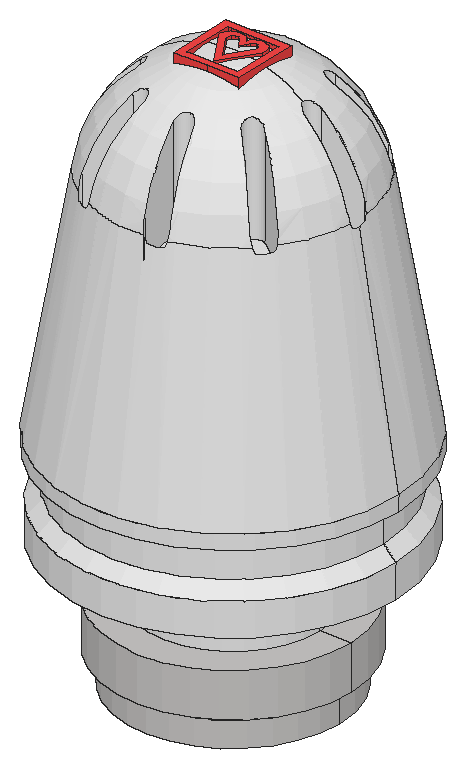
Revit family "HERZ-Mini-GS-Design-Thermostatic Sensor M28x1.5 9200 03", category Rohrzubehör, Revit 2018
Family settings
  Bemaßung runder Anschluss = Durchmesser verwenden
  Teiletyp = Normal
  OmniClass-Nummer = 23.65.55.14
  OmniClass-Titel = Valves for Liquid Services
  Arbeitsebenenbasiert = Nein
  Immer vertikal = Nein
  Beim Laden mit Abzugskörper schneiden = Nein
  Gemeinsam genutzt = Nein
Parameters
  URL = "www.herzvalves.com"
  Set value range = "0-30°C"  # constant formula
  S02 = 60 mm  # constant formula
  S01 = 73 mm  # constant formula
  Part number = 1920003  # constant formula
  Shut off zero position = "When set to \"0\", the thermostatic valve is shut off and the frost protection is disabled."
  Operation = "The HERZ thermostat serves as a sensing and control element.\r\nThe volumetric change of the liquid filling in the HERZ hydrosensor moves the thrust spindle of the valve."
  Hersteller = "HERZ Armaturen Ges.m.b.H."  # constant formula
  Hand wheel = "plastic, white"  # constant formula
  Frost protection = 6 °C  # constant formula
  Frost protection setpoint range = "6-30°C"  # constant formula
  Frost protection * = "When set to *, the valve automatically opens at approx.\r\n6 ° C ambient temperature and prevents the system from freezing"
  Application = "For mounting on valves that are designed for thermostatic operation."
Reference planes
  plane 1 "Mitte (Vorne/hinten)": y = 0
  plane 2: z = 0
  plane 3 "Mitte (Links/rechts)": x = 0
Forms (mm)
  Revolve 1, solid, material "Kunststoff weiß", detail levels fine
    sketch origin (0, 0, 0) x (1, 0, 0) y (0, 0, 1)
      loop
        line (0, 0) -> (0, 73)
        arc (0, 73) -> (-11.397, 68.78) -> (-17.297, 58.156) r 17.5
        arc (-17.297, 58.156) -> (-20.011, 42.065) -> (-22.88, 26) r 1681.293
        line (-22.88, 26) -> (-22.88, 24) -> (-20.75, 24) -> (-20.75, 19.25) -> (-22.5, 17.5) -> (-22.5, 13) -> (-12.8, 13)
        arc (-12.8, 13) -> (-12.234, 12.766) -> (-12, 12.2) r 0.8
        line (-12, 12.2) -> (-12, 4.8) -> (-13.2, 4.8) -> (-13.2, 0) -> (0, 0)
      axis (0, 73) -> (0, 0)
    angle from 0 to 360
  Revolve 2, solid, material "Messing verzinkt", detail levels fine
    sketch origin (0, 0, 0) x (1, 0, 0) y (0, 0, 1)
      loop
        line (0, 0) -> (0, 5.5) -> (-16.35, 5.5) -> (-16.35, -0.576) -> (-14.75, -1.5) -> (-14.75, -5) -> (-13.35, -5) -> (-13.35, 0) -> (0, 0)
      axis (0, 5.5) -> (0, -5)
    angle from 0 to 360
  Extrusion 3, void
    sketch origin (0, 0, 0) x (1, 0, 0) y (0, 1, 0)
      loop
        arc (11.027, 1.298) -> (9.8, 0) -> (11.027, -1.298) r 1.3
        line (11.027, -1.298) -> (16.77, -1.62)
        arc (16.77, -1.62) -> (17.178, -1.485) -> (17.384, -1.107) r 0.586
        arc (17.384, -1.107) -> (17.453, 0.011) -> (17.382, 1.129) r 9
        arc (17.382, 1.129) -> (17.183, 1.492) -> (16.79, 1.621) r 0.564
        line (16.79, 1.621) -> (11.027, 1.298)
      loop
        line (9.282, 6.094) -> (13.904, 9.55)
        arc (13.904, 9.55) -> (14.121, 9.902) -> (14.04, 10.308) r 0.564
        arc (14.04, 10.308) -> (13.376, 11.21) -> (12.605, 12.023) r 9
        arc (12.605, 12.023) -> (12.205, 12.18) -> (11.805, 12.021) r 0.586
        line (11.805, 12.021) -> (7.613, 8.082)
        arc (7.613, 8.082) -> (7.507, 6.299) -> (9.282, 6.094) r 1.3
      loop
        arc (0.637, 11.085) -> (1.702, 9.651) -> (3.193, 10.634) r 1.3
        line (3.193, 10.634) -> (4.508, 16.234)
        arc (4.508, 16.234) -> (4.445, 16.659) -> (4.109, 16.928) r 0.586
        arc (4.109, 16.928) -> (3.02, 17.189) -> (1.907, 17.313) r 9
        arc (1.907, 17.313) -> (1.515, 17.181) -> (1.319, 16.816) r 0.564
        line (1.319, 16.816) -> (0.637, 11.085)
      loop
        line (-4.39, 10.199) -> (-6.991, 15.351)
        arc (-6.991, 15.351) -> (-7.3, 15.626) -> (-7.713, 15.617) r 0.564
        arc (-7.713, 15.617) -> (-8.717, 15.12) -> (-9.651, 14.501) r 9
        arc (-9.651, 14.501) -> (-9.875, 14.134) -> (-9.788, 13.713) r 0.586
        line (-9.788, 13.713) -> (-6.638, 8.901)
        arc (-6.638, 8.901) -> (-4.9, 8.487) -> (-4.39, 10.199) r 1.3
      loop
        arc (-10.806, 2.552) -> (-9.209, 3.352) -> (-9.918, 4.991) r 1.3
        line (-9.918, 4.991) -> (-15.204, 7.258)
        arc (-15.204, 7.258) -> (-15.634, 7.271) -> (-15.957, 6.986) r 0.586
        arc (-15.957, 6.986) -> (-16.404, 5.959) -> (-16.719, 4.884) r 9
        arc (-16.719, 4.884) -> (-16.657, 4.475) -> (-16.332, 4.219) r 0.564
        line (-16.332, 4.219) -> (-10.806, 2.552)
      loop
        line (-10.806, -2.552) -> (-16.332, -4.219)
        arc (-16.332, -4.219) -> (-16.657, -4.475) -> (-16.719, -4.884) r 0.564
        arc (-16.719, -4.884) -> (-16.404, -5.959) -> (-15.957, -6.986) r 9
        arc (-15.957, -6.986) -> (-15.634, -7.271) -> (-15.204, -7.258) r 0.586
        line (-15.204, -7.258) -> (-9.918, -4.991)
        arc (-9.918, -4.991) -> (-9.209, -3.352) -> (-10.806, -2.552) r 1.3
      loop
        arc (9.282, -6.094) -> (7.507, -6.299) -> (7.613, -8.082) r 1.3
        line (7.613, -8.082) -> (11.805, -12.021)
        arc (11.805, -12.021) -> (12.205, -12.18) -> (12.605, -12.023) r 0.586
        arc (12.605, -12.023) -> (13.376, -11.21) -> (14.04, -10.308) r 9
        arc (14.04, -10.308) -> (14.121, -9.902) -> (13.904, -9.55) r 0.564
        line (13.904, -9.55) -> (9.282, -6.094)
      loop
        line (0.637, -11.085) -> (1.319, -16.816)
        arc (1.319, -16.816) -> (1.515, -17.181) -> (1.907, -17.313) r 0.564
        arc (1.907, -17.313) -> (3.02, -17.189) -> (4.109, -16.928) r 9
        arc (4.109, -16.928) -> (4.445, -16.659) -> (4.508, -16.234) r 0.586
        line (4.508, -16.234) -> (3.193, -10.634)
        arc (3.193, -10.634) -> (1.702, -9.651) -> (0.637, -11.085) r 1.3
      loop
        arc (-4.39, -10.199) -> (-4.9, -8.487) -> (-6.638, -8.901) r 1.3
        line (-6.638, -8.901) -> (-9.788, -13.713)
        arc (-9.788, -13.713) -> (-9.875, -14.134) -> (-9.651, -14.501) r 0.586
        arc (-9.651, -14.501) -> (-8.717, -15.12) -> (-7.713, -15.617) r 9
        arc (-7.713, -15.617) -> (-7.3, -15.626) -> (-6.991, -15.351) r 0.564
        line (-6.991, -15.351) -> (-4.39, -10.199)
    from 55 to 73
Cuts and joins
  Extrusion 3 cuts Revolve 1
Lines and regions (mm)
  model lines, detail levels coarse+medium
    curve 1: line (0, 0, 0) -> (0, 0, 13)
    curve 2: line (0, -0.017, 0) -> (0, 13, 0)
    curve 3: circle (0, 0, 43) r 30 normal (0, -1, 0)
    curve 4: circle (0, 0, 43) r 30 normal (1, 0, 0)
    curve 5: line (0, 0, 23) -> (0, 0, 63)
    curve 6: line (0, -17.5, 63) -> (0, 17.5, 63)
    curve 7: line (0, 0, 23) -> (0, 0, 63)
    curve 8: line (-17.5, 0, 63) -> (17.5, 0, 63)
    curve 9: circle (0, 43, 0) r 30 normal (0, 0, 1)
    curve 10: line (0, 23, 0) -> (0, 63, 0)
    curve 11: line (-17.5, 63, 0) -> (17.5, 63, 0)
Dimensions and locks
  "S01": curve 4 to plane 2
  "S01": curve 3 to plane 2
  "S01": plane 1 "Mitte (Vorne/hinten)" to curve 9
  "S02": diameter of curve 3
  "S02": diameter of curve 4
  "S02": diameter of curve 9
  aligned and locked: level to plane 2
Automatic sketch dimensions
  Revolve 1 sketch curve to level = 0 mm
  Revolve 1 sketch curve to plane 3 "Mitte (Links/rechts)" = 0 mm  (x2)
  Revolve 1 sketch curve to plane 3 "Mitte (Links/rechts)" = 12 mm
  Revolve 1 sketch curve to Revolve 1 sketch curve = 0.8 mm
  Revolve 1 sketch curve to Revolve 1 sketch curve = 1.2 mm
  Revolve 1 sketch curve to Revolve 1 sketch curve = 7.95 mm
  Revolve 1 sketch curve to Revolve 1 sketch curve = 1.75 mm  (x2)
  Revolve 1 sketch curve to Revolve 1 sketch curve = 2.13 mm
  level to Revolve 1 sketch curve = 329.658 mm
  Revolve 1 sketch curve to plane 3 "Mitte (Links/rechts)" = 1676.524 mm
  level to Revolve 1 sketch curve = 4.8 mm
  Revolve 1 sketch curve to Revolve 1 sketch curve = 7.4 mm
  Revolve 1 sketch curve to Revolve 1 sketch curve = 4.5 mm
  Revolve 1 sketch curve to Revolve 1 sketch curve = 4.75 mm
  Revolve 1 sketch curve to Revolve 1 sketch curve = 2 mm
  Revolve 1 sketch curve to Revolve 1 sketch curve = 29.5 mm
  Revolve 1 sketch curve to Revolve 1 sketch curve = 17.5 mm
  Revolve 1 sketch curve to level = 366.045 mm
  Revolve 1 sketch curve to Revolve 1 sketch curve = 2141.315 mm
  Revolve 2 sketch curve to level = 0 mm
  Revolve 2 sketch curve to plane 3 "Mitte (Links/rechts)" = 0 mm  (x2)
  Revolve 2 sketch curve to level = 5 mm
  Revolve 2 sketch curve to plane 3 "Mitte (Links/rechts)" = 13.35 mm
  Revolve 2 sketch curve to Revolve 2 sketch curve = 1.4 mm
  Revolve 2 sketch curve to level = 0.576 mm
  Revolve 2 sketch curve to Revolve 2 sketch curve = 1.6 mm
  Revolve 2 sketch curve to level = 1.5 mm
  level to Revolve 2 sketch curve = 5.5 mm
  Revolve 2 sketch curve to Revolve 2 sketch curve = 361.045 mm
  Revolve 2 sketch curve to Revolve 2 sketch curve = 2208.815 mm
  plane 1 "Mitte (Vorne/hinten)" to Extrusion 3 sketch curve = 0 mm  (x2)
  Extrusion 3 sketch curve to plane 1 "Mitte (Vorne/hinten)" = 4.219 mm
  Extrusion 3 sketch curve to plane 3 "Mitte (Links/rechts)" = 16.332 mm
  plane 1 "Mitte (Vorne/hinten)" to Extrusion 3 sketch curve = 4.219 mm
  Extrusion 3 sketch curve to Extrusion 3 sketch curve = 0 mm  (x11)
  Extrusion 3 sketch curve to Extrusion 3 sketch curve = 0.163 mm  (x2)
  Extrusion 3 sketch curve to Extrusion 3 sketch curve = 0.734 mm  (x2)
  plane 1 "Mitte (Vorne/hinten)" to Extrusion 3 sketch curve = 7.258 mm
  Extrusion 3 sketch curve to Extrusion 3 sketch curve = 0.231 mm  (x2)
  Extrusion 3 sketch curve to plane 1 "Mitte (Vorne/hinten)" = 7.258 mm
  plane 1 "Mitte (Vorne/hinten)" to Extrusion 3 sketch curve = 2.552 mm
  Extrusion 3 sketch curve to Extrusion 3 sketch curve = 5.526 mm
  Extrusion 3 sketch curve to plane 1 "Mitte (Vorne/hinten)" = 2.552 mm
  Extrusion 3 sketch curve to Extrusion 3 sketch curve = 0.375 mm  (x2)
  Extrusion 3 sketch curve to Extrusion 3 sketch curve = 0.512 mm  (x2)
  Extrusion 3 sketch curve to Extrusion 3 sketch curve = 5.416 mm  (x2)
  Extrusion 3 sketch curve to Extrusion 3 sketch curve = 0.49 mm  (x2)
  Extrusion 3 sketch curve to Extrusion 3 sketch curve = 2.488 mm  (x2)
  Extrusion 3 sketch curve to Extrusion 3 sketch curve = 1.803 mm  (x2)
  Extrusion 3 sketch curve to Extrusion 3 sketch curve = 0.504 mm  (x2)
  Extrusion 3 sketch curve to Extrusion 3 sketch curve = 3.281 mm  (x2)
  Extrusion 3 sketch curve to Extrusion 3 sketch curve = 1.088 mm  (x2)
  Extrusion 3 sketch curve to Extrusion 3 sketch curve = 1.16 mm  (x2)
  Extrusion 3 sketch curve to Extrusion 3 sketch curve = 1.324 mm  (x2)
  plane 3 "Mitte (Links/rechts)" to Extrusion 3 sketch curve = 0.637 mm  (x2)
  plane 3 "Mitte (Links/rechts)" to Extrusion 3 sketch curve = 1.319 mm  (x2)
  plane 3 "Mitte (Links/rechts)" to Extrusion 3 sketch curve = 1.468 mm  (x2)
  Extrusion 3 sketch curve to Extrusion 3 sketch curve = 0.561 mm  (x2)
  Extrusion 3 sketch curve to Extrusion 3 sketch curve = 1.291 mm  (x2)
  Extrusion 3 sketch curve to Extrusion 3 sketch curve = 1.266 mm  (x2)
  Extrusion 3 sketch curve to Extrusion 3 sketch curve = 2.058 mm  (x2)
  Extrusion 3 sketch curve to Extrusion 3 sketch curve = 0.57 mm  (x2)
  Extrusion 3 sketch curve to Extrusion 3 sketch curve = 5.007 mm  (x2)
  Extrusion 3 sketch curve to Extrusion 3 sketch curve = 1.138 mm  (x2)
  Extrusion 3 sketch curve to Extrusion 3 sketch curve = 1.978 mm
  Extrusion 3 sketch curve to Extrusion 3 sketch curve = 0.89 mm  (x2)
  Extrusion 3 sketch curve to Extrusion 3 sketch curve = 0.779 mm  (x2)
  plane 1 "Mitte (Vorne/hinten)" to Extrusion 3 sketch curve = 1.298 mm
  Extrusion 3 sketch curve to Extrusion 3 sketch curve = 2.575 mm
  Extrusion 3 sketch curve to Extrusion 3 sketch curve = 0.073 mm
  Extrusion 3 sketch curve to Extrusion 3 sketch curve = 4.192 mm  (x2)
  Extrusion 3 sketch curve to Extrusion 3 sketch curve = 0.401 mm  (x2)
  Extrusion 3 sketch curve to Extrusion 3 sketch curve = 1.36 mm  (x2)
  Extrusion 3 sketch curve to Extrusion 3 sketch curve = 0.338 mm  (x2)
  plane 1 "Mitte (Vorne/hinten)" to Extrusion 3 sketch curve = 1.62 mm
  Extrusion 3 sketch curve to Extrusion 3 sketch curve = 5.743 mm
  Extrusion 3 sketch curve to plane 1 "Mitte (Vorne/hinten)" = 1.621 mm
  Extrusion 3 sketch curve to Extrusion 3 sketch curve = 0.02 mm
  Extrusion 3 sketch curve to Extrusion 3 sketch curve = 0.033 mm
  Extrusion 3 sketch curve to Extrusion 3 sketch curve = 0.032 mm
  plane 1 "Mitte (Vorne/hinten)" to Extrusion 3 sketch curve = 7.32 mm
  Extrusion 3 sketch curve to Extrusion 3 sketch curve = 6.784 mm
  Extrusion 3 sketch curve to Extrusion 3 sketch curve = 1.004 mm
  Extrusion 3 sketch curve to Extrusion 3 sketch curve = 1.581 mm  (x2)
  Extrusion 3 sketch curve to Extrusion 3 sketch curve = 1.468 mm
  Extrusion 3 sketch curve to Extrusion 3 sketch curve = 0.712 mm  (x2)
  Extrusion 3 sketch curve to Extrusion 3 sketch curve = 0.452 mm  (x2)
  Extrusion 3 sketch curve to Extrusion 3 sketch curve = 2.31 mm  (x2)
  Extrusion 3 sketch curve to Extrusion 3 sketch curve = 0.297 mm  (x2)
  Extrusion 3 sketch curve to Extrusion 3 sketch curve = 1.591 mm  (x2)
  Extrusion 3 sketch curve to Extrusion 3 sketch curve = 0.427 mm  (x2)
  Extrusion 3 sketch curve to Extrusion 3 sketch curve = 4.812 mm  (x2)
  Extrusion 3 sketch curve to Extrusion 3 sketch curve = 0.321 mm  (x2)
  Extrusion 3 sketch curve to Extrusion 3 sketch curve = 1.063 mm  (x2)
  Extrusion 3 sketch curve to Extrusion 3 sketch curve = 0.254 mm  (x2)
  Extrusion 3 sketch curve to Extrusion 3 sketch curve = 5.599 mm  (x2)
  Extrusion 3 sketch curve to Extrusion 3 sketch curve = 0.134 mm  (x2)
  Extrusion 3 sketch curve to Extrusion 3 sketch curve = 0.382 mm  (x2)
  Extrusion 3 sketch curve to Extrusion 3 sketch curve = 0.067 mm  (x2)
  Extrusion 3 sketch curve to Extrusion 3 sketch curve = 0.947 mm
  Extrusion 3 sketch curve to Extrusion 3 sketch curve = 0.539 mm  (x2)
  Extrusion 3 sketch curve to Extrusion 3 sketch curve = 1.702 mm
  Extrusion 3 sketch curve to Extrusion 3 sketch curve = 2.439 mm
  Extrusion 3 sketch curve to Extrusion 3 sketch curve = 0.54 mm  (x2)
  Extrusion 3 sketch curve to Extrusion 3 sketch curve = 0.905 mm
  Extrusion 3 sketch curve to Extrusion 3 sketch curve = 0.585 mm
  Extrusion 3 sketch curve to Extrusion 3 sketch curve = 0.564 mm
  Extrusion 3 sketch curve to Extrusion 3 sketch curve = 0.339 mm
  Extrusion 3 sketch curve to Extrusion 3 sketch curve = 1.245 mm
  Extrusion 3 sketch curve to plane 1 "Mitte (Vorne/hinten)" = 5.433 mm
  Extrusion 3 sketch curve to Extrusion 3 sketch curve = 0.661 mm
  Extrusion 3 sketch curve to Extrusion 3 sketch curve = 1.041 mm
  Extrusion 3 sketch curve to Extrusion 3 sketch curve = 4.429 mm
  Extrusion 3 sketch curve to Extrusion 3 sketch curve = 2.891 mm
  Extrusion 3 sketch curve to Extrusion 3 sketch curve = 3.456 mm
  Extrusion 3 sketch curve to plane 1 "Mitte (Vorne/hinten)" = 1.298 mm  (x2)
  curve 5 to plane 1 "Mitte (Vorne/hinten)" = 0 mm
  curve 4 to plane 1 "Mitte (Vorne/hinten)" = 0 mm
  plane 1 "Mitte (Vorne/hinten)" to curve 6 = 17.5 mm
  curve 5 to curve 6 = 17.5 mm
  curve 5 to curve 4 = 20 mm
  curve 4 to curve 6 = 20 mm
  curve 3 to plane 3 "Mitte (Links/rechts)" = 0 mm
  curve 7 to plane 3 "Mitte (Links/rechts)" = 0 mm
  curve 1 to plane 3 "Mitte (Links/rechts)" = 0 mm
  curve 1 to level = 0 mm
  curve 8 to curve 7 = 17.5 mm
  plane 3 "Mitte (Links/rechts)" to curve 8 = 17.5 mm
  curve 1 to curve 7 = 10 mm
  curve 3 to curve 8 = 20 mm
  curve 9 to plane 3 "Mitte (Links/rechts)" = 0 mm
  curve 10 to plane 3 "Mitte (Links/rechts)" = 0 mm
  curve 2 to plane 3 "Mitte (Links/rechts)" = 0 mm
  curve 11 to curve 10 = 17.5 mm
  plane 3 "Mitte (Links/rechts)" to curve 11 = 17.5 mm
  plane 1 "Mitte (Vorne/hinten)" to curve 2 = 0.017 mm
  curve 2 to curve 10 = 10 mm
  curve 9 to curve 11 = 20 mm
Nested families
  nested 1: "Herz-Logo" at (0, 0, 71.5), type "Herz-Logo", detail levels fine
Definition of nested family "Herz-Logo"
  Reference planes
    plane 1 "Mitte (Vorne/hinten)": y = 0
    plane 2: z = 0
    plane 3 "Mitte (Links/rechts)": x = 0
  Forms (mm)
    Extrusion 1, solid
      sketch origin (0, 0, 0) x (1, 0, 0) y (0, 1, 0)
        loop
          line (-0.018, -4.517) -> (4.482, -4.517) -> (4.482, 4.483) -> (-4.518, 4.483) -> (-4.518, -4.517) -> (-0.018, -4.517)
        loop
          line (-0.05, -3.48) -> (3.482, -3.48) -> (3.482, 3.483) -> (-3.518, 3.483) -> (-3.518, -3.48) -> (-0.05, -3.48)
        loop
          arc (-0.018, 2.383) -> (-1.543, 3.287) -> (-3.067, 2.383) r 1.738
          arc (-3.067, 2.383) -> (-3.191, 1.899) -> (-3.067, 1.415) r 1.009
          line (-3.067, 1.415) -> (-0.018, -3.281) -> (3.032, 1.415)
          arc (3.032, 1.415) -> (3.156, 1.899) -> (3.032, 2.383) r 1.009
          arc (3.032, 2.383) -> (1.507, 3.287) -> (-0.018, 2.383) r 1.738
        loop
          arc (1.885, 1.272) -> (2.005, 1.675) -> (1.885, 2.079) r 0.74
          arc (1.885, 2.079) -> (1.265, 2.416) -> (0.644, 2.079) r 0.74
          line (0.644, 2.079) -> (-0.018, 0.97) -> (-0.679, 2.079)
          arc (-0.679, 2.079) -> (-1.3, 2.416) -> (-1.921, 2.079) r 0.74
          arc (-1.921, 2.079) -> (-2.04, 1.675) -> (-1.921, 1.272) r 0.74
          line (-1.921, 1.272) -> (-0.018, -1.658) -> (1.885, 1.272)
      from 0 to 1.5
  Dimensions and locks
    aligned and locked: level to plane 2
